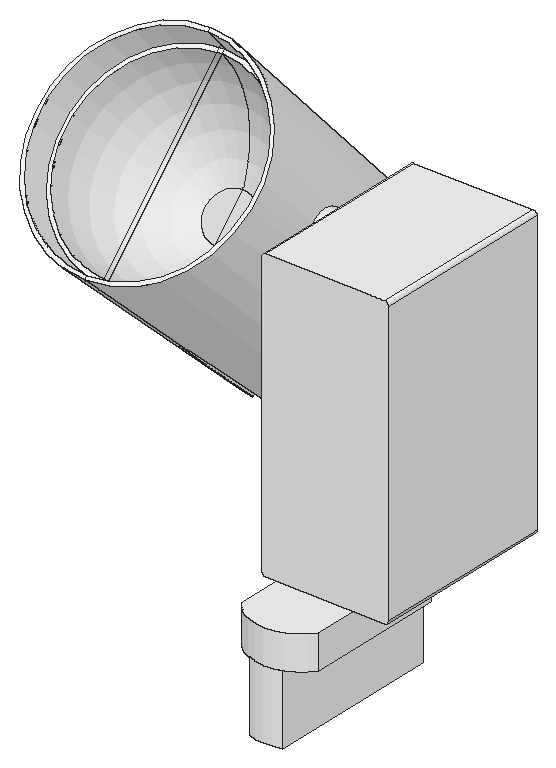
Revit family "0004924 Feilo Sylvania Lighting Fixture START TRACK SPOT S DALI 1262LM 930 WB WHT", category Lighting Fixtures, host Face, Revit 2017 (continued)
Definition of nested family "Start Track Spot Head"
  Types (96, lengths in mm): name | Wattage | built-in parameter 1150134 | Photometric Web File | Model | built-in parameter 1150105 | Lumens | built-in parameter 1150107 | built-in parameter 1150106 | HeadThickness_FEILO | HeadRibOffset_FEILO | HeadRibDepth_FEILO | HeadRibCutWidth_FEILO | HeadRibCutOffset_FEILO | HeadReflectorRadius_FEILO | HeadReflectorOffset_FEILO | HeadLEDRadius_FEILO | HeadHeight_FEILO | HeadDiffusorOffset_FEILO | HeadDiaOut_FEILO | HeadDiaIn_FEILO | HeadAxisFromTop_FEILO | Emit from Circle Diameter | built-in parameter 1150104 | Description | Apparent Load
    0004812 START TRACK SPOT S 14W 3K RA80 MB WHITE | 14 W | (empty or 0) | "0004812.ies" | "START TRACK SPOT S 14W 3K RA80 MB WHITE" | 120.32 (stored number, unit not read) | 1512 lm | 3000 (stored number, unit not read) | 1.2032 (stored number, unit not read) | 1.5 | 4.179 | 55.714 | 7.167 | 50.87 | 50.588 | 55.714 | 9.556 | 117 | 9.435 | 86 | 77.477 | 69.354 | 77.477 | 10.034 (stored number, unit not read) | "Integrated LED spotlight, Textured White - RAL9016, compact and minimalist design, ideal for retail applications, die-cast aluminium body, passive cooling heatsink. Beam angle: 36°, color temperature: 3000K , total system power: 14W, total fixture output: 1508 lm, LOR: 100%, colour rendering: Ra: 80 typical, LED Chromaticity: 3 step MacAdam ellipse, lifetime: >50000 hours at L70B50, energy class: A++, A+, A, IR/UV free light source without heat radiation, operating voltage: 220-240V / 50-60Hz, drive current: 350mA, electronic driver, non-dimmable, power factor: 0.92, electrical protection: Class II, Global Track 3 Phase adapter suitable for Global trac 3-circuit tracks, ingress protection rating: IP20, suitable for internal environment only, horizontal rotation: 355°, vertical tilt: 90°, dimensions: Ø86x140x200, weight: 0.940kg." | 14 VA
    0004811 START TRACK SPOT S 14W 3K RA80 NB WHITE | 14 W | (empty or 0) | "0004811.ies" | "START TRACK SPOT S 14W 3K RA80 NB WHITE" | 123.66 (stored number, unit not read) | 1554 lm | 3000 (stored number, unit not read) | 1.2366 (stored number, unit not read) | 1.5 | 4.179 | 55.714 | 7.167 | 50.87 | 50.588 | 55.714 | 9.556 | 117 | 9.435 | 86 | 77.477 | 69.354 | 77.477 | 10.312 (stored number, unit not read) | "Integrated LED spotlight, Textured White - RAL9016, compact and minimalist design, ideal for retail applications, die-cast aluminium body, passive cooling heatsink. Beam angle: 12°, color temperature: 3000K , total system power: 14W, total fixture output: 1551 lm, LOR: 100%, colour rendering: Ra: 80 typical, LED Chromaticity: 3 step MacAdam ellipse, lifetime: >50000 hours at L70B50, energy class: A++, A+, A, IR/UV free light source without heat radiation, operating voltage: 220-240V / 50-60Hz, drive current: 350mA, electronic driver, non-dimmable, power factor: 0.92, electrical protection: Class II, Global Track 3 Phase adapter suitable for Global trac 3-circuit tracks, ingress protection rating: IP20, suitable for internal environment only, horizontal rotation: 355°, vertical tilt: 90°, dimensions: Ø86x140x200, weight: 0.940kg." | 14 VA
  Reference planes
    plane 1 "Center (Front/Back)": y = 0
    plane 2: z = 0
    plane 3 "Center (Left/Right)": x = 0
    plane 4: x = 43
    plane 5: x = -43
    plane 6: x = -38.739
    plane 7: x = 38.739
    plane 8: z = 69.354
    plane 9: z = -47.646
    plane 10: x = -41.5
    plane 11: x = -37.239
    plane 12: z = -38.211
    plane 13: z = -35.211
    plane 14: z = 8.068
    plane 15: x = -9.556
    plane 16: x = -28.667
    plane 17: x = -19.111
    plane 18: x = -27.167
    plane 19: x = -17.611
    plane 20: x = -8.056
    plane 21: z = 13.64
    plane 22: x = -29.667
    plane 23: x = -26.167
    plane 24: x = -20.111
    plane 25: x = -16.611
    plane 26: x = -10.556
    plane 27: x = -7.056
    plane 28: x = -36.239
    plane 29: x = -40.5
    plane 30: z = 65.175
    plane 31: z = 60.997
    plane 32: z = 56.818
    plane 33: z = 18.484
    plane 34: y = -43
    plane 35: y = 43
    plane 36: y = 3.583
    plane 37: y = -3.583
    plane 38: y = -2.583
    plane 39: y = 2.583
    plane 40: y = 46
    plane 41: z = 13.5
    plane 42: z = -13.5
    plane 43: y = 39
    plane 44: x = 4.708
    plane 45: x = -2.458
    plane 46: x = -1.458
    plane 47: x = 1.458
  Forms (mm)
    Extrusion 1, solid
      sketch origin (4.2, 0, 0) x (1, 0, 0) y (0, 1, 0)
        loop
          line (-1219.2, 1219.2) -> (-1219.2, -1219.2) -> (1219.2, -1219.2) -> (1219.2, 1219.2) -> (-1219.2, 1219.2)
      from 0 to -68.017
    Revolve 2, solid, material <- "Material_1_FEILO", detail levels medium+fine
      sketch origin (0, 0, 0) x (1, 0, 0) y (0, 0, 1)
        loop
          line (-43, -47.646) -> (-41.5, -47.646) -> (-40.5, -35.211) -> (-38.739, -35.211)
          arc (-38.739, -35.211) -> (-30.16, -9.517) -> (-9.556, 8.068) r 50.588
          line (-9.556, 8.068) -> (0, 8.068) -> (0, 13.64) -> (-16.611, 13.64) -> (-17.611, 60.997) -> (-19.111, 60.997) -> (-20.111, 13.64) -> (-36.239, 13.64) -> (-37.239, 69.354) -> (-38.739, 69.354) -> (-43, -47.646)
        axis (0, 69.354) -> (0, -47.646)
      angle from 360 to 0
    Extrusion 3, void
      sketch origin (0, 0, 0) x (0, 1, 0) y (0, 0, 1)
        loop
          line (-3.583, 69.354) -> (-2.583, 18.484) -> (1.932, 18.484) -> (2.932, 69.354) -> (-3.583, 69.354)
      from 43 to -43
    Revolve 4, solid, material <- "Material_2_FEILO", detail levels medium+fine
      sketch origin (0, 0, 0) x (1, 0, 0) y (0, 0, 1)
        loop
          line (-41.5, -38.211) -> (0, -38.211) -> (0, -35.211) -> (-41.5, -35.211) -> (-41.5, -38.211)
        axis (0, -35.211) -> (0, -38.211)
      angle from 360 to 0
    Revolve 5, solid, material <- "Material_1_FEILO"
      sketch origin (0, 0, 0) x (0, 1, 0) y (0, 0, 1)
        loop
          line (46, 0) -> (39, 0) -> (39, -13.5) -> (46, -13.5) -> (46, 0)
        axis (39, 0) -> (46, 0)
      angle from 360 to 0
    Revolve 6, solid, material <- "Material_1_FEILO", detail levels medium+fine
      sketch origin (0, 0, 0) x (1, 0, 0) y (0, 0, 1)
        loop
          line (-29.667, 13.64) -> (-26.167, 13.64) -> (-27.167, 65.175) -> (-28.667, 65.175) -> (-29.667, 13.64)
        loop
          line (-10.556, 13.64) -> (-7.056, 13.64) -> (-7.833, 56.818) -> (-9.778, 56.818) -> (-10.556, 13.64)
        axis (0, 65.175) -> (0, 13.64)
      angle from 360 to 0
    Extrusion 7, void
      sketch origin (0, 0, 0) x (1, 0, 0) y (0, 0, 1)
        loop
          line (4.708, 69.354) -> (-2.458, 69.354) -> (-1.458, 13.64) -> (1.458, 13.64) -> (4.708, 69.354)
      from -43 to 43
    Revolve 8, solid, material <- "Material_1_FEILO", detail levels coarse
      sketch origin (0, 0, 0) x (1, 0, 0) y (0, 0, 1)
        loop
          line (0, 69.354) -> (-38.739, 69.354) -> (-43, -47.646) -> (-41.5, -47.646) -> (-40.731, -38.211) -> (0, -38.211) -> (0, 69.354)
        axis (0, 69.354) -> (0, -47.646)
      angle from 360 to 0
  Cuts and joins
    Extrusion 3 cuts Revolve 2
    Extrusion 7 cuts Revolve 6
  Dimensions and locks
    equal spacing: plane 7, plane 3 "Center (Left/Right)", plane 6
    equal spacing: plane 4, plane 3 "Center (Left/Right)", plane 5
    "HeadDiaOut_FEILO": plane 4 to plane 5
    "HeadDiaIn_FEILO": plane 7 to plane 6
    "HeadHeight_FEILO": plane 8 to plane 9
    "HeadThickness_FEILO": plane 10 to plane 5
    "HeadThickness_FEILO": plane 11 to plane 6
    "HeadDiffusorOffset_FEILO": plane 12 to plane 9
    "HeadDiffusorThickness_FEILO": plane 13 to plane 12
    "HeadReflectorOffset_FEILO": plane 14 to plane 9
    "HeadLEDRadius_FEILO": plane 3 "Center (Left/Right)" to plane 15
    "HeadLEDRadius_FEILO": plane 15 to plane 17
    "HeadLEDRadius_FEILO": plane 17 to plane 16
    "HeadThickness_FEILO": plane 18 to plane 16
    "HeadThickness_FEILO": plane 19 to plane 17
    "HeadThickness_FEILO": plane 20 to plane 15
    "HeadRibDepth_FEILO": plane 8 to plane 21
    "HeadDraft_FEILO": plane 16 to plane 22
    "HeadDraft_FEILO": plane 23 to plane 18
    "HeadDraft_FEILO": plane 17 to plane 24
    "HeadDraft_FEILO": plane 25 to plane 19
    "HeadDraft_FEILO": plane 15 to plane 26
    "HeadDraft_FEILO": plane 27 to plane 20
    "HeadDraft_FEILO": plane 29 to plane 10
    "HeadDraft_FEILO": plane 28 to plane 11
    "HeadRibOffset_FEILO": plane 8 to plane 30
    "HeadRibOffset_FEILO": plane 30 to plane 31
    "HeadRibOffset_FEILO": plane 31 to plane 32
    "HeadAxisFromTop_FEILO": plane 8 to plane 2
    "HeadRibCutOffset_FEILO": plane 8 to plane 33
    equal spacing: plane 34, plane 1 "Center (Front/Back)", plane 35
    "HeadDiaOut_FEILO": plane 34 to plane 35
    equal spacing: plane 38, plane 1 "Center (Front/Back)", plane 39
    equal spacing: plane 37, plane 1 "Center (Front/Back)", plane 36
    "HeadRibCutWidth_FEILO": plane 37 to plane 36
    "HeadDraft_FEILO": plane 37 to plane 38
    locked: plane 35 to plane 40 at 3
    equal spacing: plane 41, plane 2, plane 42
    locked: plane 42 to plane 41 at 27
    locked: plane 43 to plane 35 at 4
    equal spacing: plane 45, imposter light, plane 44
    "HeadDraft_FEILO": plane 46 to plane 45
    "HeadRibCutWidth_FEILO": plane 44 to plane 45
    equal spacing: plane 47, plane 3 "Center (Left/Right)", plane 46
    "HeadReflectorRadius_FEILO": radius of Revolve 2 sketch curve
    aligned and locked: plane 2 to Extrusion 1
    aligned and locked: level to Extrusion 1
    aligned and locked: Revolve 2 sketch curve to plane 3 "Center (Left/Right)"  (x2)
    aligned and locked: plane 9 to Revolve 2 sketch curve  (x2)
    aligned and locked: plane 5 to Revolve 2 sketch curve
    aligned and locked: plane 10 to Revolve 2 sketch curve
    aligned and locked: plane 14 to Revolve 2 sketch curve
    aligned and locked: plane 8 to Revolve 2 sketch curve
    aligned and locked: Revolve 2 sketch curve to plane 13
    aligned and locked: plane 12 to Revolve 4 sketch curve
    aligned and locked: plane 3 "Center (Left/Right)" to Revolve 4 sketch curve
    aligned and locked: Revolve 4 sketch curve to plane 10
    aligned and locked: Revolve 4 sketch curve to plane 3 "Center (Left/Right)"
    aligned and locked: plane 12 to imposter light
    aligned and locked: imposter light to plane 1 "Center (Front/Back)"
    aligned and locked: Revolve 5 sketch curve to plane 2
    aligned and locked: plane 43 to Revolve 5 sketch curve
    aligned and locked: plane 42 to Revolve 5 sketch curve
    aligned and locked: Revolve 6 sketch curve to plane 3 "Center (Left/Right)"
    aligned and locked: plane 22 to Revolve 6 sketch curve
    aligned and locked: plane 30 to Revolve 6 sketch curve
    aligned and locked: plane 23 to Revolve 6 sketch curve
    aligned and locked: Revolve 6 sketch curve to plane 21  (x2)
    aligned and locked: plane 21 to Revolve 6 sketch curve
    aligned and locked: plane 17 to Revolve 2 sketch curve
    aligned and locked: plane 19 to Revolve 2 sketch curve
    aligned and locked: plane 31 to Revolve 2 sketch curve
    aligned and locked: plane 21 to Revolve 2 sketch curve
    aligned and locked: Extrusion 3 to plane 8
    aligned and locked: plane 33 to Extrusion 3
    aligned and locked: plane 8 to Extrusion 3 sketch curve
    aligned and locked: Extrusion 3 sketch curve to plane 33
    aligned and locked: Extrusion 3 to plane 5
    aligned and locked: plane 4 to Extrusion 3
    aligned and locked: plane 32 to Revolve 6 sketch curve
    aligned and locked: plane 44 to Extrusion 7 sketch curve
    aligned and locked: Extrusion 7 sketch curve to plane 8
    aligned and locked: plane 46 to Extrusion 7 sketch curve
    aligned and locked: plane 21 to Extrusion 7 sketch curve
    aligned and locked: plane 34 to Extrusion 7
    aligned and locked: Extrusion 7 to plane 35
    aligned and locked: Revolve 4 sketch curve to plane 13
    aligned and locked: Revolve 5 sketch curve to plane 40
    aligned and locked: Revolve 8 sketch curve to plane 3 "Center (Left/Right)"
    aligned and locked: Revolve 8 sketch curve to cut or joined group of Revolve 2, Extrusion 3  (x3)
    aligned and locked: plane 5 to Revolve 8 sketch curve
    aligned and locked: plane 3 "Center (Left/Right)" to Revolve 8 sketch curve
    aligned and locked: plane 12 to Revolve 8 sketch curve
  Automatic sketch dimensions
    Extrusion 1 sketch curve to Extrusion 1 sketch curve = 2438.4 mm  (x2)
    Extrusion 3 sketch curve to plane 37 = 0 mm
    Extrusion 3 sketch curve to plane 38 = 0 mm
    plane 39 to Extrusion 3 sketch curve = 0.651 mm
    Extrusion 3 sketch curve to plane 39 = 0.349 mm
    Revolve 6 sketch curve to plane 16 = 0 mm
    Revolve 6 sketch curve to plane 18 = 0 mm
    Revolve 6 sketch curve to plane 26 = 0 mm
    Revolve 6 sketch curve to plane 27 = 0 mm
    Revolve 6 sketch curve to plane 15 = 0.222 mm
    plane 9 to Revolve 6 sketch curve = 559.103 mm
    Revolve 6 sketch curve to plane 8 = 2535.555 mm
    plane 20 to Revolve 6 sketch curve = 0.222 mm
    Revolve 2 sketch curve to plane 29 = 0 mm
    Revolve 2 sketch curve to plane 6 = 0 mm  (x2)
    Revolve 2 sketch curve to plane 11 = 0 mm
    Revolve 2 sketch curve to plane 21 = 0 mm
    Revolve 2 sketch curve to plane 28 = 0 mm
    Revolve 2 sketch curve to plane 24 = 0 mm
    Revolve 2 sketch curve to plane 25 = 0 mm
    Revolve 2 sketch curve to plane 15 = 0 mm
    Revolve 2 sketch curve to Revolve 2 sketch curve = 557.155 mm
    Revolve 2 sketch curve to plane 8 = 2535.558 mm
    Extrusion 7 sketch curve to plane 45 = 0 mm
    Extrusion 7 sketch curve to plane 47 = 0 mm
    plane 9 to Revolve 4 sketch curve = 559.103 mm
    Revolve 4 sketch curve to plane 8 = 2535.555 mm
    Revolve 5 sketch curve to level = 0 mm
    plane 34 to Revolve 5 sketch curve = 1968.092 mm
    Revolve 5 sketch curve to plane 40 = 1405.763 mm
    Revolve 8 sketch curve to plane 6 = 0 mm
    Revolve 8 sketch curve to plane 29 = 0.231 mm
    plane 9 to Revolve 8 sketch curve = 559.103 mm
    Revolve 8 sketch curve to Revolve 8 sketch curve = 2535.555 mm
Definition of nested family "Start Track Spot Box"
  Parameters (values of type "Type Large White")
    URL = "http://www.feilosylvania.com"
    Type Image = (empty or 0)
    Type Comments = "n/a"
    Small_FEILO = no
    Material_3_FEILO = none
    Model = ""
    Manufacturer = "Feilo Sylvania"
    Keynote = ""
    Material_2_FEILO = none
    Description = ""
    Default Elevation = 1219.2 mm
    Cost = 0
    Material_1_FEILO = none
    BoxWidth_FEILO = 49 mm
    BoxStartAngle_FEILO [instance] = 0.00°
    BoxRadius_FEILO = 1.5 mm
    BoxHeight_FEILO = if(Small_FEILO, 112 mm, 136 mm)  # 136 mm
    BoxEndAngle_FEILO [instance] = BoxStartAngle_FEILO - 180.00°  # -180.00°
    BoxDepth_FEILO = if(Small_FEILO, 71.5 mm, 79 mm)  # 79 mm
    BoxAxisVerticalOffset_FEILO = 16 mm
    BoxAxisOffset_FEILO = BoxHeight_FEILO / 6.8  # 20 mm
    Assembly Code = ""
    Material_4_FEILO = none
  Types (4, lengths in mm): name | Small_FEILO | BoxHeight_FEILO | BoxDepth_FEILO | BoxAxisOffset_FEILO
    Type Large White | no | 136 | 79 | 20
    Type Small White | yes | 112 | 71.5 | 16.471
    Type Small Black | yes | 112 | 71.5 | 16.471
    Type Large Black | no | 136 | 79 | 20
  Reference planes
    plane 1 "Center (Front/Back)": y = 0
    plane 2: z = 0
    plane 3 "Center (Left/Right)": x = 0
    plane 4: x = 24.5
    plane 5: x = -24.5
    plane 6: y = 68
    plane 7: y = -68
    plane 8: z = 39.5
    plane 9: z = -39.5
    plane 10: y = -48
    plane 11: x = 30.5
    plane 12: x = 8.5
    plane 13: x = 21.5
    plane 14: y = 70
    plane 15: y = 72
    plane 16: x = 19.5
  Forms (mm)
    Extrusion 1, solid
      sketch origin (4.2, 0, 0) x (1, 0, 0) y (0, 1, 0)
        loop
          line (-1219.2, 1219.2) -> (-1219.2, -1219.2) -> (1219.2, -1219.2) -> (1219.2, 1219.2) -> (-1219.2, 1219.2)
      from 0 to -68.017
    Extrusion 2, solid, material <- "Material_1_FEILO"
      sketch origin (0, 0, 0) x (1, 0, 0) y (0, 1, 0)
        loop
          arc (-23, 68) -> (-24.061, 67.561) -> (-24.5, 66.5) r 1.5
          line (-24.5, 66.5) -> (-24.5, -66.5)
          arc (-24.5, -66.5) -> (-24.061, -67.561) -> (-23, -68) r 1.5
          line (-23, -68) -> (23, -68)
          arc (23, -68) -> (24.061, -67.561) -> (24.5, -66.5) r 1.5
          line (24.5, -66.5) -> (24.5, 66.5)
          arc (24.5, 66.5) -> (24.061, 67.561) -> (23, 68) r 1.5
          line (23, 68) -> (-23, 68)
      from -39.5 to 39.5
    Revolve 3, solid, not visible
      sketch origin (0, 0, 0) x (1, 0, 0) y (0, 1, 0)
        loop
          line (30.5, -48) -> (24.5, -48) -> (24.5, -68) -> (30.5, -68) -> (30.5, -48)
        axis (30.5, -48) -> (24.5, -48)
      angle from 0 <- "BoxStartAngle_FEILO" to -180 <- "BoxEndAngle_FEILO"
    Revolve 4, solid, material <- "Material_2_FEILO"
      sketch origin (0, 0, 0) x (1, 0, 0) y (0, 1, 0)
        loop
          line (8.5, 68) -> (19.5, 68) -> (19.5, 70) -> (21.5, 70) -> (21.5, 72) -> (8.5, 72) -> (8.5, 68)
        axis (8.5, 72) -> (8.5, 68)
      angle from 360 to 0
  Dimensions and locks
    equal spacing: plane 5, plane 3 "Center (Left/Right)", plane 4
    "BoxWidth_FEILO": plane 5 to plane 4
    equal spacing: plane 7, plane 1 "Center (Front/Back)", plane 6
    "BoxHeight_FEILO": plane 7 to plane 6
    equal spacing: plane 8, plane 2, plane 9
    "BoxDepth_FEILO": plane 8 to plane 9
    "BoxAxisOffset_FEILO": plane 7 to plane 10
    locked: plane 4 to plane 11 at 6
    "BoxAxisVerticalOffset_FEILO": plane 12 to plane 4
    locked: plane 12 to plane 13 at 13
    plane 6 to plane 14 to plane 15 = 2 mm locked, 2 mm locked
    locked: plane 12 to plane 16 at 11
    "BoxRadius_FEILO": radius of Extrusion 2 sketch curve  (x4)
    aligned and locked: plane 2 to Extrusion 1
    aligned and locked: level to Extrusion 1
    aligned and locked: plane 6 to Extrusion 2 sketch curve
    aligned and locked: plane 5 to Extrusion 2 sketch curve
    aligned and locked: Extrusion 2 sketch curve to plane 7
    aligned and locked: Extrusion 2 sketch curve to plane 4
    aligned and locked: Extrusion 2 to plane 8
    aligned and locked: plane 9 to Extrusion 2
    aligned and locked: Revolve 3 sketch curve to plane 10  (x2)
    aligned and locked: plane 11 to Revolve 3 sketch curve
    aligned and locked: Revolve 3 sketch curve to plane 4
    aligned and locked: plane 7 to Revolve 3 sketch curve
    aligned and locked: Revolve 4 sketch curve to plane 12
    aligned and locked: plane 6 to Revolve 4 sketch curve
    aligned and locked: plane 12 to Revolve 4 sketch curve
    aligned and locked: plane 15 to Revolve 4 sketch curve
    aligned and locked: Revolve 4 sketch curve to plane 13
    aligned and locked: Revolve 4 sketch curve to plane 14
    aligned and locked: Revolve 4 sketch curve to plane 16
    aligned and locked: Revolve 4 sketch curve to plane 6
  Automatic sketch dimensions
    Extrusion 1 sketch curve to Extrusion 1 sketch curve = 2438.4 mm  (x2)
    Revolve 3 sketch curve to plane 5 = 1499.5 mm
    plane 11 to Revolve 3 sketch curve = 1493.5 mm
    plane 15 to Revolve 4 sketch curve = 0 mm
    plane 7 to Revolve 4 sketch curve = 1456 mm
    Revolve 4 sketch curve to plane 15 = 1452 mm
